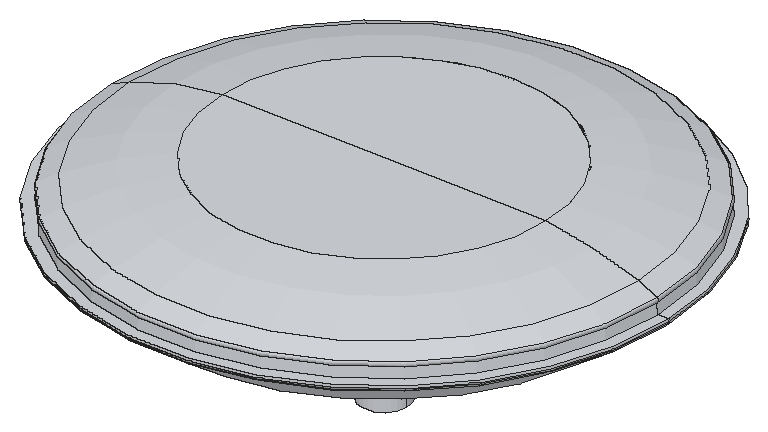
Revit family "Lighting-UrbanSystem-GEWISS-URBAN[O3]-LED-SIDE_COUPLING_OPTIC_ELLIPTICAL", category Apparecchi per illuminazione, host Superficie, Revit 2019
Family settings
  Host = Superficie
  Quota connettore circolare = Usa diametro
  Tipo di parte = Normale
  Numero OmniClass = 23.80.70.00
  Titolo OmniClass = Lighting
  Taglio con vuoti quando caricato = No
  Sorgente d'illuminazione = No
  Condiviso = No
  Punto di calcolo locali = Sì
Parameters (values of type "GWS7278 - URBAN S.4M LED 4000K BI.P.SIDE B.E.O.GR")
  Working temperature = "-25 +35 °C"
  Weight (kg): = "11"
  Weight (kg) = "11"
  Warranty = "5 years"
  Voltage: = "220/240 V - 50/60 Hz"
  Voltage = "220/240 V - 50/60 Hz - Bi-power with self-learning"
  Visibility_label [instance] = yes
  Vetro = GEWISS - VETRO
  Version file RFA = "20.11"
  Urbano 2D [instance] = yes
  Type of light source = "LED"
  Type of lamp: = "LED"
  Technical sheet = "https://www.gewiss.com/ww/en/search?q=GWS7278"
  System power = "105W"
  Suitable for: = "Commercial side brackets with side connection"
  Suitable for = "Commercial side brackets with side connection"
  Spostamento_y_etichetta [instance] = 0 mm
  Spostamento_y_effettivo_etichetta [instance] = 1500 mm - Spostamento_y_etichetta  # 1500 mm
  Spostamento_x_etichetta [instance] = 0 mm
  Spostamento_x_effettivo_etichetta [instance] = 1500 mm - Spostamento_x_etichetta  # 1500 mm
  URL = "https://www.gewiss.com/ww/en"
  Simbolo in pianta [instance] = not(Urbano 2D)  # no
  Shock resistance = "IK08 BODY - IK06 LENS"
  SEO = "Street lighting"
  Risk photobiological = "RG1/RG2 @ 20cm"
  Realized by GEWISS S.p.A. = ""
  Default Elevation = 1219.2 mm
  Produttore = "GEWISS S.p.A."
  Power supply operation = "Bi power"
  Pilot current = "530mA"
  Photobiologic Risk = "RG1/RG2 @ 20cm"
  Optic = "Elliptical - ULOR: 0%"
  Operating temperature: = "-25 +35 °C"
  Number of modules = "4 (4x16 LED)"
  Nominal flux (lm) = "13400"
  No. Chorus modules = "4 (4x16 LED)"
  Modello = "GWS7278"
  Minimum distance from the illuminated object = "1M"
  Maximum surface exposed to the wind = "0,25M2"
  Lumen output (lm) = "11240"
  LED current = "530mA"
  LED LifeTime (L80B20) = "50000H"
  LED Life time (L90B20) = "50000H"
  LED Life time (L80B10) = "100000H"
  Insulation class = "II"
  Immagine tipo = GWS7251.jpg
  IP degree = "IP66"
  IFC.TypeObject = ""
  IFC.ExportType = ""
  IFC.ExportAs = ""
  IDT = "da31b83e-a88b-4408-9115-206c2dedd00b"
  IDF = "751c2b7a-eeeb-4983-bd51-9f6babd3fdd4"
  Finitura = GEWISS - GRIGIO GRAFITE
  Electrocod = "244C"
  EAN code = "8011564803022"
  Driver type = "Constant Current Driver Led"
  Descrizione = "URBAN S.4M LED 4000K BI.P.SIDE B.E.O.GR"
  Colour temperature: = "4000 K (CRI 70)"
  Colour temperature = "4000 K (CRI 70)"
  Colour = "Graphite grey"
  Assembly Code = ""
  Catalogue Range = "URBAN [O3]"
  Catalogue = "LIGHTING"
  COBie.Tagnumber = ""
  COBie.CreatedOn = ""
  COBie.CreatebBy = ""
  COBie.ComponentRegisterItemID = ""
  COBie.Component.TagNumber = ""
  COBie.Component.Space = ""
  COBie.Component.SerialNumber = ""
  COBie.Component.InstallationDate = ""
  COBie.Component.Description = ""
  COBie.Component.BarCode = ""
  Application = "External"
Types (5, lengths in mm): name | Weight (kg): | Weight (kg) | Voltage | Technical sheet | System power | Power supply operation | Number of modules | Nominal flux (lm) | No. Chorus modules | Modello | Lumen output (lm) | IDT | EAN code | Descrizione
  (no name) | "11" | "11" | "220/240 V - 50/60 Hz - Bi-power with self-learning" | "https://www.gewiss.com/ww/en/search?q=GWS7278" | "105W" | "Bi power" | "4 (4x16 LED)" | "13400" | "4 (4x16 LED)" | "GWS7278" | "11240" | "da31b83e-a88b-4408-9115-206c2dedd00b" | "8011564803022" | "URBAN S.4M LED 4000K BI.P.SIDE B.E.O.GR"
  GWS7257 - URBAN SYS.3MOD.LED 4000K SIDE BR.E.O.GR | "10,3" | "10,3" | "220/240 V - 50/60 Hz - Stand alone and/or possibility of dimmer 1-10 V" | "https://www.gewiss.com/ww/en/search?q=GWS7257" | "81W" | "" | "3 (3x16 LED)" | "10230" | "3 (3x16 LED)" | "GWS7257" | "8590" | "b2496f14-95ba-4eb4-af21-854ec9100c59" | "8011564802896" | "URBAN SYS.3MOD.LED 4000K SIDE BR.E.O.GR"
  GWS7258 - URBAN SYS.4MOD.LED 4000K SIDE BR.E.O.GR | "11" | "11" | "220/240 V - 50/60 Hz - Stand alone and/or possibility of dimmer 1-10 V" | "https://www.gewiss.com/ww/en/search?q=GWS7258" | "105W" | "" | "4 (4x16 LED)" | "13400" | "4 (4x16 LED)" | "GWS7258" | "11240" | "637938bb-ece8-4329-aa47-7e8c73773148" | "8011564802902" | "URBAN SYS.4MOD.LED 4000K SIDE BR.E.O.GR"
  GWS7277 - URBAN S.3M LED 4000K BI.P.SIDE B.E.O.GR | "10,3" | "10,3" | "220/240 V - 50/60 Hz - Bi-power with self-learning" | "https://www.gewiss.com/ww/en/search?q=GWS7277" | "81W" | "Bi power" | "3 (3x16 LED)" | "10230" | "3 (3x16 LED)" | "GWS7277" | "8590" | "f4ae0c29-da8a-4941-ba0f-c63152357ede" | "8011564803015" | "URBAN S.3M LED 4000K BI.P.SIDE B.E.O.GR"
  GWS7278 - URBAN S.4M LED 4000K BI.P.SIDE B.E.O.GR | "11" | "11" | "220/240 V - 50/60 Hz - Bi-power with self-learning" | "https://www.gewiss.com/ww/en/search?q=GWS7278" | "105W" | "Bi power" | "4 (4x16 LED)" | "13400" | "4 (4x16 LED)" | "GWS7278" | "11240" | "da31b83e-a88b-4408-9115-206c2dedd00b" | "8011564803022" | "URBAN S.4M LED 4000K BI.P.SIDE B.E.O.GR"
Reference planes
  plane 1 "Centro (Fronte/Retro)": y = 0
  plane 2: z = 0
  plane 3 "Centro (Sinistra/Destra)": x = 0
  plane 4: x = -1500
  plane 5: y = -1500
  plane 6: x = 0
  plane 7: y = 0
Lines and regions (mm)
  Masking region 1, visible <- "Urbano 2D"
    outline origin (0, 0, 0) x (1, 0, 0) y (0, 1, 0)
      loop
        circle (0.023, 0) r 285.143
  symbolic lines, visible <- "Urbano 2D"
    curve 1: circle (-2.469, 0, 0) r 185 normal (0, 0, 1)
Dimensions and locks
  plane 4 to plane 3 "Centro (Sinistra/Destra)" = 1500 mm
  "Spostamento_x_effettivo_etichetta": plane 4 to plane 6
  plane 1 "Centro (Fronte/Retro)" to plane 5 = 1500 mm
  "Spostamento_y_effettivo_etichetta": plane 7 to plane 5
  radius of Masking region 1 sketch curve = 285.143 mm
  aligned and locked: plane 2 to host face
  aligned and locked: level to host face
  aligned and locked: plane 3 "Centro (Sinistra/Destra)" to nested 1
  aligned and locked: plane 3 "Centro (Sinistra/Destra)" to nested 2
  aligned and locked: plane 1 "Centro (Fronte/Retro)" to nested 2
  aligned and locked: nested 2 to host face
  aligned and locked: plane 6 to nested 3
  aligned and locked: nested 3 to plane 7
Automatic sketch dimensions
  host sketch curve to host sketch curve = 2438.4 mm  (x2)
  plane 1 "Centro (Fronte/Retro)" to Masking region 1 sketch curve = 0 mm
  plane 3 "Centro (Sinistra/Destra)" to Masking region 1 sketch curve = 0.023 mm
  plane 1 "Centro (Fronte/Retro)" to curve 1 = 0 mm
  curve 1 to plane 3 "Centro (Sinistra/Destra)" = 2.469 mm
  radius of curve 1 = 185 mm
Nested families
  nested 1: "URBANO_annotazione" at (0, 0, 0), visible <- "Simbolo in pianta", type "URBANO_annotazione"
  nested 2: "Generico - URBAN[O3] ILLUM URBANA LED INNESTO LAT OTTICA ELLITT" at (0, 0, 215.679) x (1, 0, 0) z (0, 0, -1), type "Generico - URBAN[O3] ILLUM URBANA LED INNESTO LAT OTTICA ELLITT"
  nested 3: "ETICHETTA LIGHT" at (0, 0, 0), visible <- "Visibility_label", type "ETICHETTA LIGHT"
Definition of nested family "Generico - URBAN[O3] ILLUM URBANA LED INNESTO LAT OTTICA ELLITT"
  Parameters (values of type "Generico - URBAN[O3] ILLUM URBANA LED INNESTO LAT OTTICA ELLITT")
    Default Elevation = 1219.2 mm
  Reference planes
    plane 1 "Centro (Fronte/Retro)": y = 0
    plane 2: z = 0
    plane 3 "Centro (Sinistra/Destra)": x = 0
    plane 4: z = 33.903
    plane 5: z = 44.56
    plane 6: z = 150.179
    plane 7: z = 175.679
    plane 8: z = 195.679
    plane 9: z = 215.679
    plane 10: x = -22.868
    plane 11: x = -28.868
    plane 12: x = -32.868
  Forms (mm)
    Revolve 1, solid
      sketch origin (0, 0, 0) x (1, 0, 0) y (0, 0, 1)
        loop
          line (0, 145.179) -> (-39.848, 145.179) -> (-43.403, 143.885)
          arc (-43.403, 143.885) -> (-170.03, 116.692) -> (-281.867, 51.376) r 410.213
          arc (-281.867, 51.376) -> (-283.095, 50.238) -> (-284.305, 49.08) r 104.477
          arc (-284.305, 49.08) -> (-284.915, 48.205) -> (-285.157, 47.166) r 2.821
          line (-285.157, 47.166) -> (-285.157, 44.56) -> (0, 44.56) -> (0, 145.179)
        axis (0, 145.179) -> (0, 44.56)
      angle from 0 to 360
    Revolve 2, solid
      sketch origin (0, 0, 0) x (1, 0, 0) y (0, 0, 1)
        loop
          line (0, 44.56) -> (-273.995, 44.56) -> (-273.274, 33.903)
          arc (-273.274, 33.903) -> (-274.138, 31.863) -> (-273.281, 29.819) r 2.854
          arc (-273.281, 29.819) -> (-264.038, 25.43) -> (-254.645, 21.373) r 286.239
          arc (-254.645, 21.373) -> (-209.229, 6.908) -> (-162.069, 0) r 292.91
          line (-162.069, 0) -> (0, 0) -> (0, 44.56)
        axis (0, 44.56) -> (0, 0)
      angle from 0 to 360
    Revolve 3, solid
      sketch origin (0, 0, 0) x (1, 0, 0) y (0, 0, 1)
        loop
          line (-28.868, 195.679) -> (-28.868, 175.679) -> (-32.868, 175.679) -> (-32.868, 150.179) -> (0, 150.179) -> (0, 215.679) -> (-22.868, 215.679) -> (-22.868, 195.679) -> (-28.868, 195.679)
        axis (0, 215.679) -> (0, 150.179)
      angle from 0 to 360
  Lines and regions (mm)
    model lines
      curve 1: line (0, 0, 149.579) -> (0, 0, 134.579)
  Dimensions and locks
    locked: plane 5 to plane 4 at 10.656
    plane 4 to plane 2 = 33.903 mm
    locked: plane 7 to plane 6 at 25.5
    locked: plane 8 to plane 7 at 20
    locked: plane 9 to plane 8 at 20
    locked: plane 3 "Centro (Sinistra/Destra)" to plane 10 at 22.868
    locked: plane 11 to plane 10 at 6
    locked: plane 12 to plane 11 at 4
    aligned and locked: level to plane 2
    aligned and locked: Revolve 1 sketch curve to plane 5
    aligned and locked: Revolve 1 sketch curve to plane 3 "Centro (Sinistra/Destra)"
    aligned and locked: Revolve 2 sketch curve to plane 5
    aligned and locked: Revolve 2 sketch curve to level
    aligned and locked: Revolve 2 sketch curve to plane 3 "Centro (Sinistra/Destra)"
    aligned and locked: Revolve 3 sketch curve to plane 8
    aligned and locked: Revolve 3 sketch curve to plane 7
    aligned and locked: Revolve 3 sketch curve to plane 6
    aligned and locked: Revolve 3 sketch curve to plane 3 "Centro (Sinistra/Destra)"
    aligned and locked: Revolve 3 sketch curve to plane 10
    aligned and locked: Revolve 3 sketch curve to plane 11
    aligned and locked: Revolve 3 sketch curve to plane 12
    aligned and locked: Revolve 3 sketch curve to plane 9
Definition of nested family "URBANO_annotazione"
  Reference planes
    plane 1: y = 0
    plane 2: x = 0
  Lines and regions (mm)
    detail lines
      curve 1: circle (0.023, 0.036, 0) r 2.492 normal (0, 0, 1)
      curve 2: line (-1.739, 1.798, 0) -> (1.785, -1.726, 0)
      curve 3: line (-1.739, -1.726, 0) -> (1.785, 1.798, 0)
Definition of nested family "ETICHETTA LIGHT"
  Parameters (values of type "ETICHETTA LIGHT")
    COMMENTI = "32W"
  Reference planes
    plane 1: y = 0
    plane 2: x = 0
  Text (mm)
    label "COMMENTI" at (-0.057, 0.105, 0), shows "COMMENTI"
